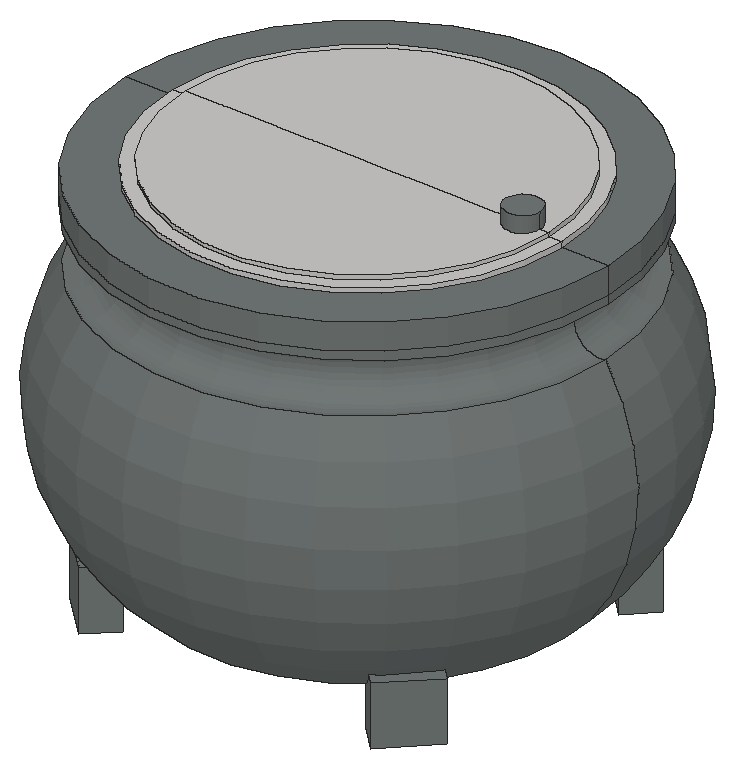
Revit family "QF_Vollrath 72165", category Specialty Equipment, Revit 2016
Family settings
  Part Type = Normal
  Round Connector Dimension = Use Diameter
  OmniClass Number = 23.40.40.11.21
  OmniClass Title = Hot Cabinets
  Work Plane-Based = No
  Always vertical = Yes
  Cut with Voids When Loaded = No
  Shared = No
  Room Calculation Point = No
Parameters (values of type "72165")
  Width = 15.80078"
  Weight in Pounds = 23.4
  Watts = 650 W
  Watermarked By = "http://revitwatermark.com"
  Volts = 120 V
  URL Cutsheet = ""
  URL = "www.vollrathco.com"
  Status [instance] = ""
  Specification by User [instance] = ""
  Specification by Manufacturer = ""
  Serial Number [instance] = ""
  Seismic Rating [instance] = ""
  Revision Code [instance] = ""
  Phase = 1
  Number of Poles [instance] = 1
  NAFEM Spec ID Number [instance] = ""
  Model = "72165"
  Masterspec = ""
  Manufacturer = "Vollrath"
  Item Number [instance] = ""
  Installed By [instance] = ""
  Height AFF [instance] = 22.18"
  Furnished By [instance] = ""
  Foodservice Equipment Identifier [instance] = yes
  FL Amps = 5.4 A
  Electrical Remarks [instance] = ""
  Electric Connection Type [instance] = ""
  Elec Conn RI Height [instance] = 0.00"
  Elec Conn Connection Height = 2.00"
  Description = "Colonial Kettle"
  Cycle = 60 Hz
  Conn Plug = "NEMA 5-15P"
  CSI MasterFormat = "11 42 13"
  Kettle Finish = QF_Finishes_Black
  Assembly Code = "E1090320"
  Apparent Power = if(Phase = 3, Volts * FL Amps * 1.73, Volts * FL Amps)  # 648 VA
Types (2): name | Model | Kettle Finish
  72166 | "72166" | QF_Finishes_Burnt Copper
  72165 | "72165" | QF_Finishes_Black
Reference planes (in)
  plane 1: z = 0
  plane 2 "LEFT": x = 48
  plane 3 "BACK": y = -48
  plane 4 "BOTTOM": z = 22.18
  plane 5 "RIGHT": x = 63.75
  plane 6 "TOP": z = 33.68
  plane 7 "FRONT": y = -63.75
  plane 8: x = 55.875
  plane 9: z = 33.5662
  plane 10: z = 33.43
  plane 11: z = 34.13456
  plane 12: y = -55.88337
  plane 13: z = 23.89167
Forms (in)
  Revolve 1, solid, material "QF_Finishes_Black" <- "Kettle Finish"
    sketch origin (0, -55.85436, 0) x (-1, 0, 0) y (0, 0, 1)
      loop
        line (-55.875, 22.18) -> (-55.875, 33.43) -> (-62.875, 33.43) -> (-62.875, 32.68) -> (-62.875, 32.43054) -> (-62.62887, 32.43054)
        arc (-62.62887, 32.43054) -> (-61.88023, 31.59161) -> (-62.79862, 30.94291) r 0.7535
        arc (-62.79862, 30.94291) -> (-63.68221, 26.89386) -> (-61.59935, 23.31095) r 5.71974
        arc (-61.59935, 23.31095) -> (-59.22788, 22.50148) -> (-56.74277, 22.18) r 12.53184
        line (-56.74277, 22.18) -> (-55.875, 22.18)
      axis (-55.875, 22.18) -> (-55.875, 33.43)
    angle from 0 to 360
  Revolve 2, solid, material "QF_Finishes_Stainless Steel"
    sketch origin (0, -55.85436, 0) x (-1, 0, 0) y (0, 0, 1)
      loop
        line (-55.875, 33.43) -> (-55.875, 33.5662) -> (-61.52169, 33.5662) -> (-61.52169, 33.43) -> (-55.875, 33.43)
      axis (-55.875, 33.43) -> (-55.875, 33.5662)
    angle from 0 to 360
  Revolve 3, solid, material "QF_Finishes_Stainless Steel"
    sketch origin (0, -55.85436, 0) x (-1, 0, 0) y (0, 0, 1)
      loop
        line (-55.875, 33.56229) -> (-55.875, 33.68) -> (-61.14055, 33.68) -> (-61.14055, 33.56229) -> (-55.875, 33.56229)
      axis (-55.875, 33.56229) -> (-55.875, 33.68)
    angle from 0 to 360
  Extrusion 4, solid, material "QF_Finishes_Black"
    sketch origin (-0.25, 0, 0) x (1, 0, 0) y (0, 1, 0)
      loop
        circle (60.64055, -55.85436) r 0.5
    from 33.68 to 34.13456
  Extrusion 5, solid, material "QF_Finishes_Black"
    sketch origin (0, 0, 0) x (1, 0, 0) y (0, 1, 0)
      loop
        line (51.11194, -52.67925) -> (52.34053, -51.45065) -> (51.63343, -50.74354) -> (50.40483, -51.97214) -> (51.11194, -52.67925)
      loop
        line (60.63806, -52.67925) -> (61.34517, -51.97214) -> (60.11657, -50.74354) -> (59.40947, -51.45065) -> (60.63806, -52.67925)
      loop
        line (60.63806, -59.0875) -> (59.40947, -60.3161) -> (60.11657, -61.02321) -> (61.34517, -59.79461) -> (60.63806, -59.0875)
      loop
        line (51.11194, -59.0875) -> (50.40483, -59.79461) -> (51.63343, -61.02321) -> (52.34053, -60.3161) -> (51.11194, -59.0875)
    from 22.18 to 23.89167
Lines and regions (in)
  symbolic lines
    curve 1: arc (50.22831, -55.85436, 0) -> (55.875, -50.20767, 0) -> (61.52169, -55.85436, 0) r 5.64669
    curve 2: arc (61.52169, -55.85436, 0) -> (55.875, -61.50106, 0) -> (50.22831, -55.85436, 0) r 5.64669
    curve 3: arc (55.875, -63.75, 0) -> (48, -55.875, 0) -> (55.875, -48, 0) r 7.875
    curve 4: arc (55.875, -48, 0) -> (63.75, -55.875, 0) -> (55.875, -63.75, 0) r 7.875
    curve 5: arc (56.74277, -55.85436, 0) -> (55.875, -56.72214, 0) -> (55.00723, -55.85436, 0) r 0.86777
    curve 6: arc (55.00723, -55.85436, 0) -> (55.875, -54.98659, 0) -> (56.74277, -55.85436, 0) r 0.86777
Dimensions and locks (in)
  "Height AFF": plane 4 "BOTTOM" to level
  locked: plane 6 "TOP" to plane 4 "BOTTOM" at 11.5
  locked: plane 7 "FRONT" to plane 3 "BACK" at 15.75
  locked: plane 2 "LEFT" to plane 5 "RIGHT" at 15.75
  locked: plane 9 to plane 10 at 0.1362
  locked: plane 6 "TOP" to plane 9 at 0.1138
  plane 2 "LEFT" to plane 8 to plane 5 "RIGHT" = 7.875", 7.875"
  locked: plane 11 to plane 6 "TOP" at 0.45456
  locked: plane 13 to plane 4 "BOTTOM" at 1.71167
  aligned and locked: level to plane 1
  aligned and locked: plane 10 to Revolve 1 sketch curve
  aligned and locked: Revolve 1 sketch curve to plane 4 "BOTTOM"
  aligned and locked: plane 11 to Extrusion 4
  aligned and locked: Extrusion 4 to plane 6 "TOP"
  aligned and locked: Extrusion 5 to plane 4 "BOTTOM"
  aligned and locked: Extrusion 5 to Revolve 1
  aligned and locked: plane 13 to Extrusion 5
Automatic sketch dimensions
  Revolve 2 sketch curve to plane 10 = 0.00"
  Revolve 2 sketch curve to plane 9 = 0.00"
  plane 8 to Revolve 2 sketch curve = 0.00"  (x2)
  Revolve 2 sketch curve to plane 5 "RIGHT" = 2.22831"
  Revolve 2 sketch curve to plane 10 = 0.45523"
  plane 6 "TOP" to Revolve 2 sketch curve = 0.91134"
  Revolve 3 sketch curve to plane 6 "TOP" = 0.00"
  plane 8 to Revolve 3 sketch curve = 0.00"  (x2)
  Revolve 3 sketch curve to plane 5 "RIGHT" = 2.60945"
  Revolve 3 sketch curve to plane 9 = 0.00391"
  Revolve 3 sketch curve to plane 10 = 0.45523"
  plane 6 "TOP" to Revolve 3 sketch curve = 0.72734"
  plane 8 to Revolve 1 sketch curve = 0.00"  (x2)
  Revolve 1 sketch curve to plane 8 = 0.51063"
  Revolve 1 sketch curve to Revolve 1 sketch curve = 0.86777"
  Revolve 1 sketch curve to plane 8 = 2.15681"
  plane 4 "BOTTOM" to Revolve 1 sketch curve = 1.13095"
  Revolve 1 sketch curve to Revolve 1 sketch curve = 4.85657"
  Revolve 1 sketch curve to plane 5 "RIGHT" = 1.12113"
  Revolve 1 sketch curve to Revolve 1 sketch curve = 0.16975"
  Revolve 1 sketch curve to Revolve 1 sketch curve = 0.24613"
  Revolve 1 sketch curve to Revolve 1 sketch curve = 0.75"
  plane 4 "BOTTOM" to Revolve 1 sketch curve = 5.60175"
  Revolve 1 sketch curve to Revolve 1 sketch curve = 0.73413"
  Revolve 1 sketch curve to Revolve 1 sketch curve = 0.24946"
  Revolve 1 sketch curve to Revolve 1 sketch curve = 1.72325"
  Extrusion 4 sketch curve to plane 5 "RIGHT" = 3.35945"
  plane 3 "BACK" to Extrusion 4 sketch curve = 7.85436"
  plane 2 "LEFT" to Extrusion 5 sketch curve = 2.40483"  (x2)
  Extrusion 5 sketch curve to Extrusion 5 sketch curve = 0.70711"  (x8)
  Extrusion 5 sketch curve to Extrusion 5 sketch curve = 1.2286"  (x4)
  Extrusion 5 sketch curve to plane 8 = 3.53447"  (x2)
  plane 7 "FRONT" to Extrusion 5 sketch curve = 2.72679"  (x2)
  plane 3 "BACK" to Extrusion 5 sketch curve = 4.67925"  (x2)
  curve 1 to curve 5 = 0.00"
  curve 2 to curve 6 = 0.00"
  curve 6 to plane 8 = 0.00"
  curve 3 to plane 8 = 0.00"
  curve 3 to plane 7 "FRONT" = 0.00"
  plane 3 "BACK" to curve 3 = 0.00"
  plane 8 to curve 5 = 0.86777"
  plane 2 "LEFT" to curve 2 = 2.22831"
  curve 3 to curve 2 = 0.02064"
  radius of Extrusion 4 sketch curve = 0.50"
